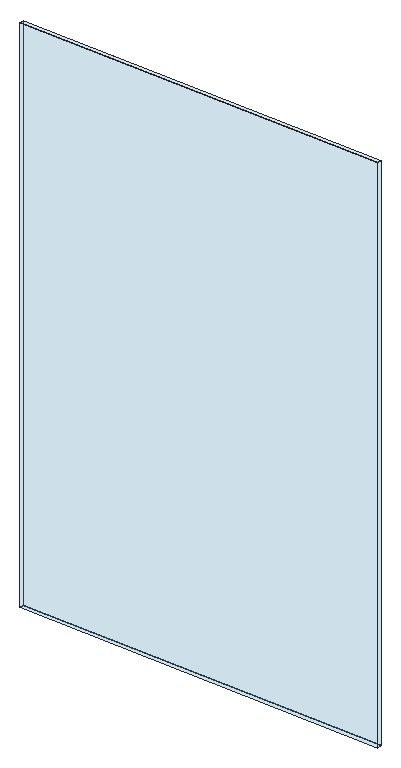
Revit family "유리 패널", category 커튼월 패널, Revit 2026
Family settings
  항상 수직 = 예
  로드될 때 보이드를 사용하여 절단 = 아니오
  공유 = 아니오
Parameters (values of type "유리 패널")
  두께 = 25.00 mm
  유리 재료 = 유리
  간격띄우기 = 63.50 mm
Reference planes
  plane 1: y = 0
  plane 2: z = 0
  plane 3: x = 0
  plane 4: x = -831.877
  plane 5: x = 831.877
  plane 6: z = 2438.4
Forms (mm)
  Extrusion 1, solid, material "유리" <- "유리 재료"
    sketch origin (0, 0, 0) x (1, 0, 0) y (0, 1, 0)
      loop
        line (-831.877, 38.5) -> (831.877, 38.5) -> (831.877, 63.5) -> (-831.877, 63.5) -> (-831.877, 38.5)
    from 0 to 2438.4
Lines and regions (mm)
  symbolic lines, style "유리"
    curve 1: line (-831.877, 63.5, 0) -> (831.877, 63.5, 0)
Text (mm)
  text "외부" at (-1328.559, 631.882, 0), in view "기준선"
Dimensions and locks
  equal spacing: plane 4, plane 3, plane 5
  "간격띄우기": plane 1 to Extrusion 1 sketch curve
  "두께": Extrusion 1 sketch curve to Extrusion 1 sketch curve
  locked: curve 1 to Extrusion 1 at 0
  aligned and locked: plane 4 to curve 1
  aligned and locked: plane 5 to curve 1
  aligned and locked: plane 5 to Extrusion 1 sketch curve
  aligned and locked: Extrusion 1 sketch curve to plane 5
  aligned and locked: Extrusion 1 to level
  aligned and locked: Extrusion 1 to plane 6
Automatic sketch dimensions
  Extrusion 1 sketch curve to plane 4 = 0.00 mm
